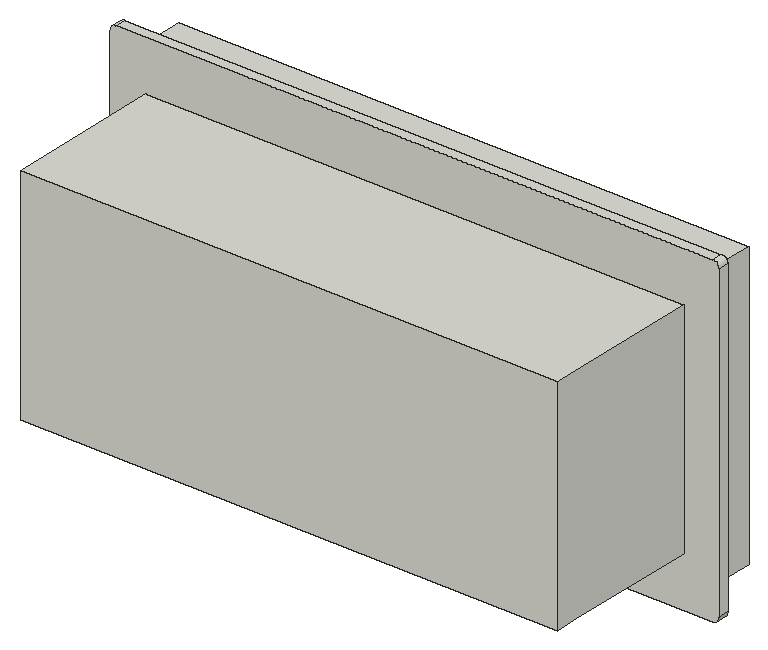
Revit family "Electrical-Box_FSR_WBMS", category Electrical Fixtures, host Wall, Revit 2026
Family settings
  Host = Wall
  Round Connector Dimension = Use Diameter
  Part Type = Normal
  Classification Number = 23.85.10.17.11
  Always vertical = Yes
  Cut with Voids When Loaded = No
  Maintain Annotation Orientation = No
  Shared = No
  Room Calculation Point = No
Parameters (values of type "WB-MS5G")
  Warranty Duration (Years) = 0
  URL = "http://www.fsrinc.com/"
  Trim Material = Material and Finish as Specified in 26 27 26
  Send Message = ""
  Keynote = "26 27 26"
  Test Data = "ftp://doclib.fsrinc.com/"
  Specification = "http://www.arcat.com/specwizard/clients/fsrinc.html?coid=40389"
  Sales Information = "http://www.fsrinc.com/salesContacts.htm"
  Product Properties = ""
  Product Data = "http://www.arcat.com/arcatcos/cos40/arc40389.html"
  Model = "As Specified in 26 27 26"
  Full Width = 11.62"
  Full Height = 6.19"
  Description = "Electrical Box as Specified in 26 27 26"
  Default Elevation = 0"
  Cover Material = Material and Finish as Specified in 26 27 26
  Manufacturer Website = "http://www.fsrinc.com/"
  Manufacturer Phone - Toll Free = "800-332-3771"
  Manufacturer Phone = "973-785-4347"
  Manufacturer Fax = "973-785-4207"
  Manufacturer Address = "244 Bergen Blvd; West Paterson; NJ 07424"
  Manufacturer = "FSR Inc."
  Maintenance Schedule (Months) = 0
  Installation-Fabrication = "ftp://doclib.fsrinc.com/"
  Installation Phase = ""
  Gross Width = 10 1/4"
  Gross Projection = 1 41/256"
  Gross Height = 4 1/4"
  Gross Depth = 3"
  Green Building-LEED = "http://www.arcat.com/green/clients04/leed_data_40389.html"
  Expected Lifespan (Years) = 0
  Drawn By = "Robert S. Weygant, CSI, CDT, SCIP"  # constant formula
  Copyright = "2009, ARCAT, Inc."  # constant formula
  Construction Details = "ftp://doclib.fsrinc.com/"
  Connections = ""
  Building Codes = "ftp://doclib.fsrinc.com/"
  Body Material = Material and Finish as Specified in 26 27 26
  Assembly Code = "D5020100"
Types (5): name | Full Width | Gross Width
  WB-MS5G | 11.62" | 10 1/4"
  WB-MS4G | 9.81" | 8 1/4"
  WB-MS3G | 8" | 6 1/4"
  WB-MS2G | 6.19" | 4 1/4"
  WB-MS1G | 4.38" | 2 1/4"
Reference planes (in)
  plane 1: y = 0
  plane 2 "Center (Left/Right)": x = 0.0468
  plane 3 "Wall Edge": y = 3
  plane 4 "Top": z = 82.67717
  plane 5: z = 78.42717
  plane 6 "Left": x = 5.1718
  plane 7 "Right": x = -5.0782
  plane 8: z = 80.55217
  plane 9: y = 4.16016
  plane 10: y = 3
  plane 11: x = 5.8568
  plane 12: x = -5.7632
  plane 13: z = 83.64717
  plane 14: z = 77.45717
  plane 15: x = 5.0468
  plane 16: x = -4.9532
Forms (in)
  Extrusion 1, void
    sketch origin (0, 3, 0) x (1, 0, 0) y (0, 0, 1)
      loop
        line (5.1718, 82.67717) -> (-5.0782, 82.67717) -> (-5.0782, 78.42717) -> (5.1718, 78.42717) -> (5.1718, 82.67717)
    from 0 to 3 <- "Gross Depth"
  Extrusion 2, solid, material "Material and Finish as Specified in 26 27 26" <- "Body Material"
    sketch origin (0, 3, 0) x (1, 0, 0) y (0, 0, 1)
      loop
        line (5.1718, 82.67717) -> (-5.0782, 82.67717) -> (-5.0782, 78.42717) -> (5.1718, 78.42717) -> (5.1718, 82.67717)
      loop
        line (-4.8282, 82.42717) -> (-4.8282, 78.67717) -> (4.9218, 78.67717) -> (4.9218, 82.42717) -> (-4.8282, 82.42717)
    from 0 to 3 <- "Gross Depth"
  Extrusion 3, solid, material "Material and Finish as Specified in 26 27 26" <- "Body Material"
    sketch origin (0, 1.22835, 0) x (1, 0, 0) y (0, 0, 1)
      loop
        line (5.1718, 82.67717) -> (-5.0782, 82.67717) -> (-5.0782, 78.42717) -> (5.1718, 78.42717) -> (5.1718, 82.67717)
    from 0.83465 to 1.22835
  Extrusion 4, solid, material "Material and Finish as Specified in 26 27 26" <- "Trim Material"
    sketch origin (0, 3, 0) x (1, 0, 0) y (0, 0, 1)
      loop
        line (5.7318, 83.64717) -> (-5.6382, 83.64717)
        arc (-5.6382, 83.64717) -> (-5.72658, 83.61055) -> (-5.7632, 83.52217) r 0.125
        line (-5.7632, 83.52217) -> (-5.7632, 77.58217)
        arc (-5.7632, 77.58217) -> (-5.72658, 77.49378) -> (-5.6382, 77.45717) r 0.125
        line (-5.6382, 77.45717) -> (5.7318, 77.45717)
        arc (5.7318, 77.45717) -> (5.82019, 77.49378) -> (5.8568, 77.58217) r 0.125
        line (5.8568, 77.58217) -> (5.8568, 83.52217)
        arc (5.8568, 83.52217) -> (5.82019, 83.61055) -> (5.7318, 83.64717) r 0.125
    from 0 to -0.19685
  Extrusion 5, solid, material "Material and Finish as Specified in 26 27 26" <- "Cover Material"
    sketch origin (0, 3, 0) x (1, 0, 0) y (0, 0, 1)
      loop
        line (5.4818, 83.27217) -> (-5.3882, 83.27217) -> (-5.3882, 77.83217) -> (5.4818, 77.83217) -> (5.4818, 83.27217)
      loop
        line (5.2318, 83.02217) -> (-5.1382, 83.02217) -> (-5.1382, 78.08217) -> (5.2318, 78.08217) -> (5.2318, 83.02217)
    from -0.19685 to -1.16016
  Extrusion 6, solid, material "Material and Finish as Specified in 26 27 26" <- "Trim Material"
    sketch origin (0, 4.16016, -12) x (0, 0, -1) y (-1, 0, 0)
      loop
        circle (-90.2334, -0.0468) r 0.2637
    from 0 to 0.125
  Extrusion 7, solid, material "Material and Finish as Specified in 26 27 26" <- "Cover Material"
    sketch origin (0, 4.16016, -12) x (0, 0, -1) y (-1, 0, 0)
      loop
        line (-95.27217, -5.4818) -> (-89.83217, -5.4818) -> (-89.83217, 5.3882) -> (-95.27217, 5.3882) -> (-95.27217, -5.4818)
    from 0 to -0.19531
  Extrusion 8, solid
    sketch origin (0, 3, 0) x (1, 0, 0) y (0, 0, 1)
      loop
        line (-4.5452, 82.03617) -> (-4.5452, 79.06817) -> (4.6388, 79.06817) -> (4.6388, 82.03617) -> (-4.5452, 82.03617)
    from -0.19685 to -0.26901
Cuts and joins
  joined: Extrusion 2, Extrusion 3
  joined: Extrusion 5, Extrusion 7
Text (in)
  text "Interior" at (0, 40.15149, 123.01588), in view "A 203 - Side Elevation"
  text "Interior" at (-70.3804, 41.28885, 0), in view "A-101 Plan View"
  text "Interior" at (0, 81.62555, 140.59947), in view "Left"
  text "Exterior" at (-70.3804, -27.04218, 0), in view "A-101 Plan View"
  text "Exterior" at (0, -34.75086, 140.59947), in view "Left"
  text "Exterior" at (0, -52.24725, 123.01588), in view "A 203 - Side Elevation"
Dimensions and locks (in)
  locked: plane 3 "Wall Edge" to host wall
  equal spacing: plane 5, plane 8, plane 4 "Top"
  equal spacing: plane 7 "Right", plane 2 "Center (Left/Right)", plane 6 "Left"
  "Gross Width": plane 7 "Right" to plane 6 "Left"
  "Gross Height": plane 5 to plane 4 "Top"
  "Gross Projection": plane 9 to plane 10
  locked: Extrusion 3 to Extrusion 3 at 0.3937
  equal spacing: plane 12, plane 2 "Center (Left/Right)", plane 11
  "Full Width": plane 12 to plane 11
  equal spacing: plane 14, plane 8, plane 13
  "Full Height": plane 14 to plane 13
  plane 12 to Extrusion 5 sketch curve to Extrusion 5 sketch curve = 3/8" locked, 1/4" locked
  Extrusion 5 sketch curve to Extrusion 5 sketch curve to plane 11 = 1/4" locked, 3/8" locked
  Extrusion 5 sketch curve to Extrusion 5 sketch curve to plane 13 = 1/4" locked, 3/8" locked
  plane 14 to Extrusion 5 sketch curve to Extrusion 5 sketch curve = 3/8" locked, 1/4" locked
  locked: plane 12 to Extrusion 7 sketch curve at 0.375
  locked: Extrusion 7 sketch curve to plane 11 at 0.375
  locked: Extrusion 7 sketch curve to plane 13 at 0.375
  locked: plane 14 to Extrusion 7 sketch curve at 0.375
  equal spacing: plane 16, plane 2 "Center (Left/Right)", plane 15
  locked: plane 16 to plane 15 at 10
  locked: plane 14 to Extrusion 6 sketch curve at 0.77623
  aligned and locked: plane 3 "Wall Edge" to plane 10
  aligned and locked: plane 6 "Left" to Extrusion 1 sketch curve
  aligned and locked: plane 4 "Top" to Extrusion 1 sketch curve
  aligned and locked: plane 5 to Extrusion 1 sketch curve
  aligned and locked: Extrusion 1 sketch curve to plane 7 "Right"
  aligned and locked: plane 6 "Left" to Extrusion 2 sketch curve
  aligned and locked: plane 4 "Top" to Extrusion 2 sketch curve
  aligned and locked: plane 5 to Extrusion 2 sketch curve
  aligned and locked: Extrusion 2 sketch curve to plane 7 "Right"
  aligned and locked: Extrusion 3 sketch curve to Extrusion 2  (x3)
  aligned and locked: Extrusion 2 to Extrusion 3 sketch curve
  aligned and locked: Extrusion 3 to Extrusion 2
  aligned and locked: plane 2 "Center (Left/Right)" to Extrusion 6 sketch curve
  aligned and locked: Extrusion 8 to Extrusion 4
  aligned and locked: plane 9 to Extrusion 5
Automatic sketch dimensions
  plane 7 "Right" to Extrusion 2 sketch curve = 1/4"
  plane 6 "Left" to Extrusion 2 sketch curve = 1/4"
  plane 5 to Extrusion 2 sketch curve = 1/4"
  Extrusion 2 sketch curve to plane 4 "Top" = 1/4"
  plane 7 "Right" to Extrusion 8 sketch curve = 0.533"
  plane 6 "Left" to Extrusion 8 sketch curve = 0.533"
  plane 5 to Extrusion 8 sketch curve = 0.641"
  Extrusion 8 sketch curve to plane 4 "Top" = 0.641"
  Extrusion 4 sketch curve to plane 12 = 0"
  Extrusion 4 sketch curve to plane 14 = 0"
  Extrusion 4 sketch curve to plane 13 = 0"
  Extrusion 4 sketch curve to plane 11 = 0"
  Extrusion 4 sketch curve to plane 12 = 1/8"
  Extrusion 4 sketch curve to Extrusion 4 sketch curve = 1/8"
  plane 11 to Extrusion 4 sketch curve = 1/8"  (x2)
  radius of Extrusion 6 sketch curve = 0.2637"
